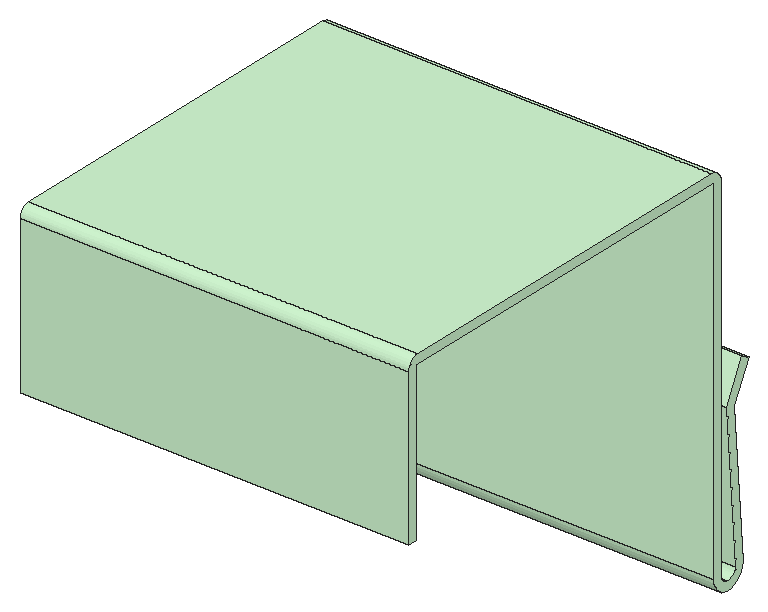
Revit family "sqspacer_w35", category 機械設備, Revit 2022
Family settings
  丸型コネクタ寸法 = 直径を使用
  種別 = なし
  パーツ タイプ = 標準
  作業面ベース = いいえ
  常に垂直 = はい
  ロード時にボイドで切り取り = いいえ
  注釈の向きを維持 = いいえ
  共有 = いいえ
  部屋計算ポイント = いいえ
Parameters
  製造元 = "株式会社桐井製作所"
  既定の高さ = 0 mm
  URL = "https://www.kirii.co.jp/"
  K_材質 = "溶融亜鉛めっき鋼板"
  K_品名 = "SQ-スペーサーW35"
  K_名称 = "SQ-BAR関連部材"
  K_入数 = "400"
  K_バージョン情報 = "20210524"
Reference planes
  plane 1 "中心(正面/背面)": y = 0
  plane 2: z = 0
  plane 3 "中心(左/右)": x = 0
Forms (mm)
  Extrusion 1, solid
    sketch origin (-17.5, 0, 0) x (0, 1, 0) y (0, 0, 1)
      loop
        line (-1.685, 34.5) -> (-34.785, 34.5)
        arc (-34.785, 34.5) -> (-35.494, 34.206) -> (-35.785, 33.496) r 1
        line (-35.785, 33.496) -> (-35.785, 19.5) -> (-34.985, 19.5) -> (-34.985, 33.7) -> (-1.485, 33.7) -> (-1.485, 1.6)
        arc (-1.485, 1.6) -> (-0.957, 0.494) -> (0.165, 0) r 1.763
        arc (0.165, 0) -> (1.286, 0.494) -> (1.815, 1.6) r 1.763
        line (1.815, 1.6) -> (0.815, 14.7) -> (2.436, 17.942) -> (1.72, 18.3) -> (0, 14.86) -> (1.013, 1.588)
        arc (1.013, 1.588) -> (0.733, 1.039) -> (0.165, 0.8) r 0.897
        arc (0.165, 0.8) -> (-0.408, 1.043) -> (-0.685, 1.6) r 0.897
        line (-0.685, 1.6) -> (-0.685, 33.5)
        arc (-0.685, 33.5) -> (-0.978, 34.207) -> (-1.685, 34.5) r 1
    from 0 to 35
Dimensions and locks
  aligned and locked: level to plane 2
